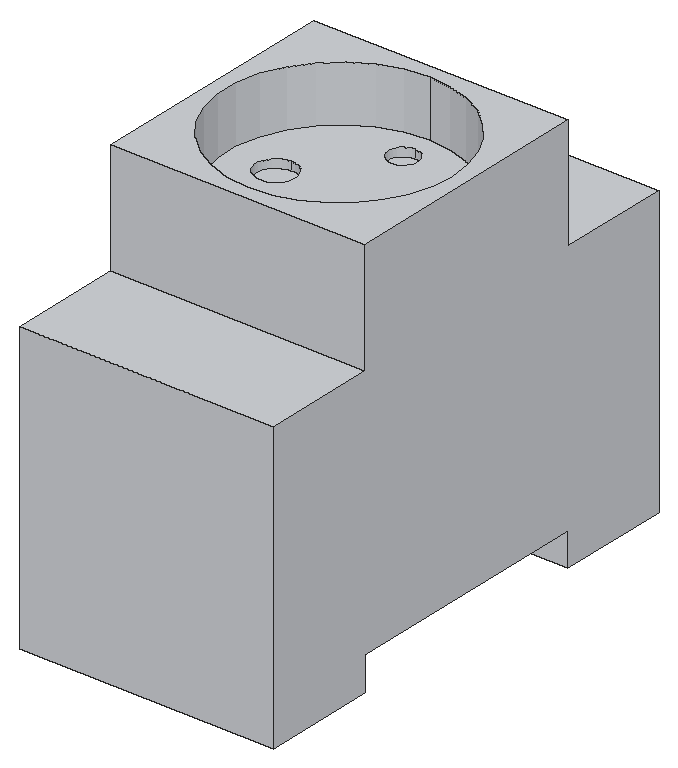
Revit family "Power-ModularDevices-GEWISS-90AM-SOCKET_OUTLET_DIN_FRA", category Apparecchi elettrici, host Superficie, Revit 2016
Family settings
  Host = Superficie
  Mantenere orientamento annotazione = Sì
  Tipo di parte = Normale
  Quota connettore circolare = Usa diametro
  Numero OmniClass = 23.80.50.11
  Titolo OmniClass = Switches and Receptacles
  Taglio con vuoti quando caricato = No
  Condiviso = No
  Punto di calcolo locali = Sì
Parameters (values of type "GW96524 - DIN RAIL SOCKET FRENCH STD 2P+E 16A 2,5M")
  Version file RFA = "18.0"
  URL = "https://www.gewiss.com/ww/en"
  Technical sheet = "https://www.gewiss.com/ww/en/search?q=GW96524"
  Standard = "French"
  SIMBOLO IN PIANTA [instance] = yes
  Realized by GEWISS S.p.A. = ""
  Rated voltage = "250Vac"
  Rated current (In) = "16 A"
  Default Elevation = 1219.2 mm
  Produttore = "GEWISS S.p.A."
  Number of poles = "2P+E"
  No. Chorus modules = "2,5"
  Modello = "GW96524"
  L_VERTICALE [instance] = 97.365 mm
  Installation = "DIN rail"
  Immagine tipo = GW96524.jpg
  IFC.TypeObject = ""
  IFC.ExportType = ""
  IFC.ExportAs = ""
  IDT = "ce4519e5-6697-4243-a546-f2034dcac679"
  IDF = "c15be1da-36c2-4b66-b016-f50c851b9774"
  Finitura = none
  Electrocod = "140                 "
  EAN code = "8011564441743"
  Descrizione = "DIN RAIL SOCKET FRENCH STD 2P+E 16A 2,5M"
  DIST_BARRA DIN [instance] = 15 mm
  Catalogue Range = "90 AM"
  Catalogue = "POWER"
  COBie.Tagnumber = ""
  COBie.CreatedOn = ""
  COBie.CreatebBy = ""
  COBie.ComponentRegisterItemID = ""
  COBie.Component.TagNumber = ""
  COBie.Component.Space = ""
  COBie.Component.SerialNumber = ""
  COBie.Component.InstallationDate = ""
  COBie.Component.Description = ""
  COBie.Component.BarCode = ""
Reference planes
  plane 1 "Centro (Fronte/Retro)": y = 0
  plane 2: z = 0
  plane 3 "Centro (Sinistra/Destra)": x = 0
  plane 4: z = 15
  plane 5: through (0, 42.5, 60) normal (0, 0.9613, -0.2756)
  plane 6: through (0, -42.5, 60) normal (0, -0.9613, 0.2756)
Dimensions and locks
  "DIST_BARRA DIN": plane 4 to host face
  angle plane 5 to plane 1 "Centro (Fronte/Retro)" = 16.00°
  angle plane 1 "Centro (Fronte/Retro)" to plane 5 = 164.00°
  angle plane 6 to plane 4 = 106.00°
  aligned and locked: plane 2 to host face
  aligned and locked: level to host face
  aligned and locked: plane 3 "Centro (Sinistra/Destra)" to nested 1
  aligned and locked: plane 1 "Centro (Fronte/Retro)" to nested 1
Automatic sketch dimensions
  host sketch curve to host sketch curve = 2438.4 mm  (x2)
Nested families
  nested 1: "GENERICO  - 90AM PRESA GUIDA DIN STANDARD FRANCESE" at (0, 0, 0), type "GENERICO  - 90AM PRESA GUIDA DIN STANDARD FRANCESE"
  nested 2: "CIV" at (0, 64.488, 0), visible <- "SIMBOLO IN PIANTA", type "CIV"
Connectors
  electrical at (0, 42.5, 34.5)
    settings: on nested 1, index 1, voltage 230 V, apparent load 0 VA, apparent load phase1 0 VA, apparent load phase2 0 VA, apparent load phase3 0 VA, power factor 1, load classification "Altro", number of poles 1, system type 31, power factor state 1, is connector primary yes, connector utility no, sub classification motor no, connector description ""
Definition of nested family "GENERICO  - 90AM PRESA GUIDA DIN STANDARD FRANCESE"
  Parameters (values of type "GENERICO  - 90AM PRESA GUIDA DIN STANDARD FRANCESE")
    h_barra din = if(Altezza barre = 1 mm, 69.9 mm, if(Altezza barre = 2 mm, 115.8 mm, 0 mm))  # 0 mm
    R = 20 mm  # constant formula
    H = if(AB_O = 1, AB_V, if(AB_O = 2, AB_H, 50.8 mm))  # 50.8 mm
    Finitura = none
    Dist barra din = 15 mm
    C = 65 mm
    B = 85 mm  # constant formula
    Altezza barre = 5 mm  # constant formula
    AB_V = 3 mm  # constant formula
    AB_H = 5 mm  # constant formula
    AB_O = 0  # constant formula
    A = 45 mm  # constant formula
  Reference planes
    plane 1 "Centro (Fronte/Retro)": y = 0
    plane 2: z = 0
    plane 3 "Centro (Sinistra/Destra)": x = 0
    plane 4: y = -42.5
    plane 5: y = 42.5
    plane 6: z = 15
    plane 7: z = 9
    plane 8 "top": z = 80
    plane 9 "incasso": z = 60
    plane 10: y = -22.5
    plane 11: y = 22.5
    plane 12: x = -22.5
    plane 13: x = 22.5
    plane 14: through (4267.2, -42.5, 9) normal (0, -0.1901, 0.9818)
    plane 15 "foro": z = 70
    plane 16: x = -11.25
    plane 17: x = 11.25
    plane 18: through (-22.5, -42.5, 1200) normal (-0.7547, -0.6561, 0)
    plane 19: through (-22.5, -42.5, 1200) normal (0.8988, -0.4384, 0)
    plane 20: through (22.5, -42.5, 1200) normal (-0.9397, 0.342, 0)
    plane 21: y = 14.153
  Forms (mm)
    Extrusion 1, solid, material <- "Finitura"
      sketch origin (0, 0, 0) x (0, 1, 0) y (0, 0, 1)
        loop
          line (-22.5, 15) -> (22.5, 15) -> (22.5, 9) -> (42.5, 9) -> (42.5, 60) -> (22.5, 60) -> (22.5, 80) -> (-22.5, 80) -> (-22.5, 60) -> (-42.5, 60) -> (-42.5, 9) -> (-22.5, 9) -> (-22.5, 15)
      from -22.5 to 22.5
    Extrusion 2, void
      sketch origin (0, 0, 60) x (0, -1, 0) y (1, 0, 0)
        loop
          circle (0, 0) r 20
      from 10 to 20
    Extrusion 3, void
      sketch origin (0, 0, 60) x (0, -1, 0) y (1, 0, 0)
        loop
          circle (0, -11.25) r 3.434
        loop
          circle (0, 11.25) r 3.477
      from 8.512 to 10
    Extrusion 4, void
      sketch origin (0, 0, 70) x (0, -1, 0) y (1, 0, 0)
        loop
          circle (-14.153, 0) r 2.622
      from -1.488 to 0
  Cuts and joins
    Extrusion 2, Extrusion 3, Extrusion 4 cuts Extrusion 1
  Lines and regions (mm)
    symbolic lines
      curve 1: line (0, 0, 29) -> (0, 0, 9)
      curve 2: line (0, -22.5, 15) -> (0, 22.5, 15)
    model lines, not visible
      curve 3: line (224.303, 91.977, 74) -> (224.303, 136.977, 74)
      curve 4: line (154.303, 136.977, 74) -> (154.303, 91.977, 74)
      curve 5: line (224.303, 136.977, 74) -> (154.303, 136.977, 74)
      curve 6: line (224.303, 91.977, 74) -> (154.303, 91.977, 74)
      curve 7: line (208.303, 108.977, 74) -> (169.303, 108.977, 74)
      curve 8: line (169.303, 108.977, 74) -> (169.303, 125.977, 74)
      curve 9: line (169.303, 125.977, 74) -> (208.303, 125.977, 74)
      curve 10: line (208.303, 125.977, 74) -> (208.303, 108.977, 74)
      curve 192: line (95.035, 64.787, 59) -> (165.035, 64.787, 59)
      curve 193: line (165.035, 64.787, 59) -> (165.035, 84.787, 59)
      curve 194: line (95.035, 84.787, 59) -> (95.035, 64.787, 59)
      curve 195: line (165.035, 84.787, 59) -> (95.035, 84.787, 59)
      curve 204: line (159.024, 125.408, 59) -> (89.024, 125.408, 59)
      curve 205: line (159.024, 105.408, 59) -> (89.024, 105.408, 59)
      curve 206: line (159.024, 113.408, 59) -> (89.024, 113.408, 59)
      curve 207: line (121.484, 119.926, 59) -> (121.484, 118.591, 59)
      curve 208: line (121.484, 118.591, 59) -> (126.564, 118.591, 59)
      curve 209: line (126.564, 118.591, 59) -> (126.564, 119.926, 59)
      curve 210: line (128.168, 122.331, 59) -> (128.168, 119.926, 59)
      curve 211: line (128.168, 119.926, 59) -> (119.879, 119.926, 59)
      curve 212: line (119.879, 119.926, 59) -> (119.879, 122.331, 59)
      curve 213: line (119.879, 122.331, 59) -> (128.168, 122.331, 59)
    model lines, not visible, detail levels fine
      curve 11: line (158.803, 96.373, 74) -> (158.803, 94.178, 74)
      curve 12: line (158.803, 94.178, 74) -> (158.068, 94.178, 74)
      curve 13: line (158.068, 94.178, 74) -> (157.642, 94.232, 74)
      curve 14: line (157.642, 94.232, 74) -> (157.12, 94.463, 74)
      curve 15: line (157.12, 94.463, 74) -> (156.706, 94.847, 74)
      curve 16: line (156.706, 94.847, 74) -> (156.431, 95.365, 74)
      curve 17: line (156.431, 95.365, 74) -> (156.346, 95.917, 74)
      curve 18: line (156.346, 95.917, 74) -> (156.429, 96.426, 74)
      curve 19: line (156.429, 96.426, 74) -> (156.649, 96.875, 74)
      curve 20: line (156.649, 96.875, 74) -> (157.044, 97.285, 74)
      curve 21: line (157.044, 97.285, 74) -> (157.523, 97.533, 74)
      curve 22: line (157.523, 97.533, 74) -> (158.061, 97.622, 74)
      curve 23: line (158.061, 97.622, 74) -> (158.803, 97.622, 74)
      curve 24: line (158.803, 97.622, 74) -> (158.803, 96.676, 74)
      curve 25: line (158.803, 96.676, 74) -> (157.555, 96.676, 74)
      curve 26: line (157.555, 96.676, 74) -> (157.555, 95.124, 74)
      curve 27: line (157.555, 95.124, 74) -> (157.859, 95.124, 74)
      curve 28: line (157.859, 95.124, 74) -> (157.859, 96.373, 74)
      curve 29: line (157.859, 96.373, 74) -> (158.803, 96.373, 74)
      curve 30: line (161.774, 94.178, 74) -> (159.106, 94.178, 74)
      curve 31: line (159.106, 94.178, 74) -> (159.106, 97.622, 74)
      curve 32: line (159.106, 97.622, 74) -> (160.525, 97.622, 74)
      curve 33: line (160.525, 97.622, 74) -> (160.525, 96.676, 74)
      curve 34: line (160.525, 96.676, 74) -> (160.052, 96.676, 74)
      curve 35: line (160.052, 96.676, 74) -> (160.052, 96.373, 74)
      curve 36: line (160.052, 96.373, 74) -> (161.774, 96.373, 74)
      curve 37: line (161.774, 96.373, 74) -> (161.774, 95.427, 74)
      curve 38: line (161.774, 95.427, 74) -> (160.052, 95.427, 74)
      curve 39: line (160.052, 95.427, 74) -> (160.052, 95.124, 74)
      curve 40: line (160.052, 95.124, 74) -> (161.774, 95.124, 74)
      curve 41: line (161.774, 95.124, 74) -> (161.774, 94.178, 74)
      curve 42: line (166.599, 94.178, 74) -> (166.599, 96.373, 74)
      curve 43: line (166.599, 96.373, 74) -> (165.653, 96.373, 74)
      curve 44: line (165.653, 96.373, 74) -> (165.653, 94.178, 74)
      curve 45: line (165.653, 94.178, 74) -> (166.599, 94.178, 74)
      curve 46: line (163.43, 94.178, 74) -> (163.714, 95.597, 74)
      curve 47: line (163.714, 95.597, 74) -> (163.997, 94.178, 74)
      curve 48: line (163.997, 94.178, 74) -> (164.944, 94.178, 74)
      curve 49: line (164.944, 94.178, 74) -> (165.53, 96.676, 74)
      curve 50: line (165.53, 96.676, 74) -> (166.599, 96.676, 74)
      curve 51: line (166.599, 96.676, 74) -> (166.599, 97.622, 74)
      curve 52: line (166.599, 97.622, 74) -> (164.783, 97.622, 74)
      curve 53: line (164.783, 97.622, 74) -> (164.442, 96.165, 74)
      curve 54: line (164.442, 96.165, 74) -> (164.206, 97.622, 74)
      curve 55: line (164.206, 97.622, 74) -> (163.222, 97.622, 74)
      curve 56: line (163.222, 97.622, 74) -> (162.985, 96.165, 74)
      curve 57: line (162.985, 96.165, 74) -> (162.645, 97.622, 74)
      curve 58: line (162.645, 97.622, 74) -> (160.828, 97.622, 74)
      curve 59: line (160.828, 97.622, 74) -> (160.828, 96.676, 74)
      curve 60: line (160.828, 96.676, 74) -> (161.897, 96.676, 74)
      curve 61: line (161.897, 96.676, 74) -> (162.482, 94.178, 74)
      curve 62: line (162.482, 94.178, 74) -> (163.43, 94.178, 74)
      curve 63: line (169.57, 97.622, 74) -> (166.902, 97.622, 74)
      curve 64: line (166.902, 97.622, 74) -> (166.902, 95.427, 74)
      curve 65: line (166.902, 95.427, 74) -> (168.624, 95.427, 74)
      curve 66: line (168.624, 95.427, 74) -> (168.624, 95.124, 74)
      curve 67: line (168.624, 95.124, 74) -> (166.902, 95.124, 74)
      curve 68: line (166.902, 95.124, 74) -> (166.902, 94.178, 74)
      curve 69: line (166.902, 94.178, 74) -> (169.57, 94.178, 74)
      curve 70: line (169.57, 94.178, 74) -> (169.57, 96.373, 74)
      curve 71: line (169.57, 96.373, 74) -> (167.848, 96.373, 74)
      curve 72: line (167.848, 96.373, 74) -> (167.848, 96.676, 74)
      curve 73: line (167.848, 96.676, 74) -> (169.57, 96.676, 74)
      curve 74: line (169.57, 96.676, 74) -> (169.57, 97.622, 74)
      curve 75: line (169.873, 97.622, 74) -> (169.873, 95.427, 74)
      curve 76: line (169.873, 95.427, 74) -> (171.478, 95.427, 74)
      curve 77: line (171.478, 95.427, 74) -> (171.478, 95.124, 74)
      curve 78: line (171.478, 95.124, 74) -> (169.873, 95.124, 74)
      curve 79: line (169.873, 95.124, 74) -> (169.873, 94.178, 74)
      curve 80: line (169.873, 94.178, 74) -> (170.819, 94.178, 74)
      curve 81: line (170.819, 94.178, 74) -> (171.365, 94.354, 74)
      curve 82: line (171.365, 94.354, 74) -> (171.718, 94.584, 74)
      curve 83: line (171.718, 94.584, 74) -> (172.121, 95.079, 74)
      curve 84: line (172.121, 95.079, 74) -> (172.309, 95.635, 74)
      curve 85: line (172.309, 95.635, 74) -> (172.315, 96.128, 74)
      curve 86: line (172.315, 96.128, 74) -> (172.263, 96.373, 74)
      curve 87: line (172.263, 96.373, 74) -> (170.819, 96.373, 74)
      curve 88: line (170.819, 96.373, 74) -> (170.819, 96.676, 74)
      curve 89: line (170.819, 96.676, 74) -> (172.134, 96.676, 74)
      curve 90: line (172.134, 96.676, 74) -> (171.964, 96.962, 74)
      curve 91: line (171.964, 96.962, 74) -> (171.718, 97.217, 74)
      curve 92: line (171.718, 97.217, 74) -> (171.375, 97.442, 74)
      curve 93: line (171.375, 97.442, 74) -> (171.017, 97.573, 74)
      curve 94: line (171.017, 97.573, 74) -> (170.615, 97.622, 74)
      curve 95: line (170.615, 97.622, 74) -> (169.873, 97.622, 74)
    model lines, not visible, detail levels medium+fine
      curve 96: line (179.303, 95.702, 74) -> (180.69, 96.074, 74)
      curve 97: line (180.69, 96.074, 74) -> (181.706, 97.09, 74)
      curve 98: line (181.706, 97.09, 74) -> (182.077, 98.477, 74)
      curve 99: line (182.077, 98.477, 74) -> (181.706, 99.864, 74)
      curve 100: line (181.706, 99.864, 74) -> (180.69, 100.879, 74)
      curve 101: line (180.69, 100.879, 74) -> (179.303, 101.251, 74)
      curve 102: line (179.303, 101.251, 74) -> (177.916, 100.879, 74)
      curve 103: line (177.916, 100.879, 74) -> (176.9, 99.864, 74)
      curve 104: line (176.9, 99.864, 74) -> (176.529, 98.477, 74)
      curve 105: line (176.529, 98.477, 74) -> (176.9, 97.09, 74)
      curve 106: line (176.9, 97.09, 74) -> (177.916, 96.074, 74)
      curve 107: line (177.916, 96.074, 74) -> (179.303, 95.702, 74)
      curve 108: line (202.303, 95.702, 74) -> (203.69, 96.074, 74)
      curve 109: line (203.69, 96.074, 74) -> (204.706, 97.09, 74)
      curve 110: line (204.706, 97.09, 74) -> (205.077, 98.477, 74)
      curve 111: line (205.077, 98.477, 74) -> (204.706, 99.864, 74)
      curve 112: line (204.706, 99.864, 74) -> (203.69, 100.879, 74)
      curve 113: line (203.69, 100.879, 74) -> (202.303, 101.251, 74)
      curve 114: line (202.303, 101.251, 74) -> (200.916, 100.879, 74)
      curve 115: line (200.916, 100.879, 74) -> (199.9, 99.864, 74)
      curve 116: line (199.9, 99.864, 74) -> (199.529, 98.477, 74)
      curve 117: line (199.529, 98.477, 74) -> (199.9, 97.09, 74)
      curve 118: line (199.9, 97.09, 74) -> (200.916, 96.074, 74)
      curve 119: line (200.916, 96.074, 74) -> (202.303, 95.702, 74)
      curve 120: line (219.287, 129.534, 74) -> (220.062, 129.741, 74)
      curve 121: line (220.062, 129.741, 74) -> (220.629, 130.308, 74)
      curve 122: line (220.629, 130.308, 74) -> (220.836, 131.083, 74)
      curve 123: line (220.836, 131.083, 74) -> (220.629, 131.857, 74)
      curve 124: line (220.629, 131.857, 74) -> (220.062, 132.424, 74)
      curve 125: line (220.062, 132.424, 74) -> (219.287, 132.631, 74)
      curve 126: line (219.287, 132.631, 74) -> (218.513, 132.424, 74)
      curve 127: line (218.513, 132.424, 74) -> (217.946, 131.857, 74)
      curve 128: line (217.946, 131.857, 74) -> (217.739, 131.083, 74)
      curve 129: line (217.739, 131.083, 74) -> (217.946, 130.308, 74)
      curve 130: line (217.946, 130.308, 74) -> (218.513, 129.741, 74)
      curve 131: line (218.513, 129.741, 74) -> (219.287, 129.534, 74)
      curve 132: line (219.287, 123.534, 74) -> (220.062, 123.741, 74)
      curve 133: line (220.062, 123.741, 74) -> (220.629, 124.308, 74)
      curve 134: line (220.629, 124.308, 74) -> (220.836, 125.083, 74)
      curve 135: line (220.836, 125.083, 74) -> (220.629, 125.857, 74)
      curve 136: line (220.629, 125.857, 74) -> (220.062, 126.424, 74)
      curve 137: line (220.062, 126.424, 74) -> (219.287, 126.631, 74)
      curve 138: line (219.287, 126.631, 74) -> (218.513, 126.424, 74)
      curve 139: line (218.513, 126.424, 74) -> (217.946, 125.857, 74)
      curve 140: line (217.946, 125.857, 74) -> (217.739, 125.083, 74)
      curve 141: line (217.739, 125.083, 74) -> (217.946, 124.308, 74)
      curve 142: line (217.946, 124.308, 74) -> (218.513, 123.741, 74)
      curve 143: line (218.513, 123.741, 74) -> (219.287, 123.534, 74)
      curve 144: line (219.287, 117.534, 74) -> (220.062, 117.741, 74)
      curve 145: line (220.062, 117.741, 74) -> (220.629, 118.308, 74)
      curve 146: line (220.629, 118.308, 74) -> (220.836, 119.083, 74)
      curve 147: line (220.836, 119.083, 74) -> (220.629, 119.857, 74)
      curve 148: line (220.629, 119.857, 74) -> (220.062, 120.424, 74)
      curve 149: line (220.062, 120.424, 74) -> (219.287, 120.631, 74)
      curve 150: line (219.287, 120.631, 74) -> (218.513, 120.424, 74)
      curve 151: line (218.513, 120.424, 74) -> (217.946, 119.857, 74)
      curve 152: line (217.946, 119.857, 74) -> (217.739, 119.083, 74)
      curve 153: line (217.739, 119.083, 74) -> (217.946, 118.308, 74)
      curve 154: line (217.946, 118.308, 74) -> (218.513, 117.741, 74)
      curve 155: line (218.513, 117.741, 74) -> (219.287, 117.534, 74)
      curve 156: line (219.287, 111.534, 74) -> (220.062, 111.741, 74)
      curve 157: line (220.062, 111.741, 74) -> (220.629, 112.308, 74)
      curve 158: line (220.629, 112.308, 74) -> (220.836, 113.083, 74)
      curve 159: line (220.836, 113.083, 74) -> (220.629, 113.857, 74)
      curve 160: line (220.629, 113.857, 74) -> (220.062, 114.424, 74)
      curve 161: line (220.062, 114.424, 74) -> (219.287, 114.631, 74)
      curve 162: line (219.287, 114.631, 74) -> (218.513, 114.424, 74)
      curve 163: line (218.513, 114.424, 74) -> (217.946, 113.857, 74)
      curve 164: line (217.946, 113.857, 74) -> (217.739, 113.083, 74)
      curve 165: line (217.739, 113.083, 74) -> (217.946, 112.308, 74)
      curve 166: line (217.946, 112.308, 74) -> (218.513, 111.741, 74)
      curve 167: line (218.513, 111.741, 74) -> (219.287, 111.534, 74)
      curve 168: line (219.287, 105.534, 74) -> (220.062, 105.741, 74)
      curve 169: line (220.062, 105.741, 74) -> (220.629, 106.308, 74)
      curve 170: line (220.629, 106.308, 74) -> (220.836, 107.083, 74)
      curve 171: line (220.836, 107.083, 74) -> (220.629, 107.857, 74)
      curve 172: line (220.629, 107.857, 74) -> (220.062, 108.424, 74)
      curve 173: line (220.062, 108.424, 74) -> (219.287, 108.631, 74)
      curve 174: line (219.287, 108.631, 74) -> (218.513, 108.424, 74)
      curve 175: line (218.513, 108.424, 74) -> (217.946, 107.857, 74)
      curve 176: line (217.946, 107.857, 74) -> (217.739, 107.083, 74)
      curve 177: line (217.739, 107.083, 74) -> (217.946, 106.308, 74)
      curve 178: line (217.946, 106.308, 74) -> (218.513, 105.741, 74)
      curve 179: line (218.513, 105.741, 74) -> (219.287, 105.534, 74)
      curve 180: line (219.287, 99.534, 74) -> (220.062, 99.741, 74)
      curve 181: line (220.062, 99.741, 74) -> (220.629, 100.308, 74)
      curve 182: line (220.629, 100.308, 74) -> (220.836, 101.083, 74)
      curve 183: line (220.836, 101.083, 74) -> (220.629, 101.857, 74)
      curve 184: line (220.629, 101.857, 74) -> (220.062, 102.424, 74)
      curve 185: line (220.062, 102.424, 74) -> (219.287, 102.631, 74)
      curve 186: line (219.287, 102.631, 74) -> (218.513, 102.424, 74)
      curve 187: line (218.513, 102.424, 74) -> (217.946, 101.857, 74)
      curve 188: line (217.946, 101.857, 74) -> (217.739, 101.083, 74)
      curve 189: line (217.739, 101.083, 74) -> (217.946, 100.308, 74)
      curve 190: line (217.946, 100.308, 74) -> (218.513, 99.741, 74)
      curve 191: line (218.513, 99.741, 74) -> (219.287, 99.534, 74)
      curve 196: line (165.035, 76.787, 59) -> (95.035, 76.787, 59)
      curve 197: line (127.495, 70.269, 59) -> (127.495, 71.605, 59)
      curve 198: line (127.495, 71.605, 59) -> (132.575, 71.605, 59)
      curve 199: line (132.575, 71.605, 59) -> (132.575, 70.269, 59)
      curve 200: line (134.18, 67.864, 59) -> (134.18, 70.269, 59)
      curve 201: line (134.18, 70.269, 59) -> (125.891, 70.269, 59)
      curve 202: line (125.891, 70.269, 59) -> (125.891, 67.864, 59)
      curve 203: line (125.891, 67.864, 59) -> (134.18, 67.864, 59)
    model lines, detail levels fine
      curve 214: line (-19.623, -20.181, 80) -> (-19.786, -20.165, 80)
      curve 215: line (-19.786, -20.165, 80) -> (-19.944, -20.118, 80)
      curve 216: line (-19.944, -20.118, 80) -> (-20.089, -20.04, 80)
      curve 217: line (-20.089, -20.04, 80) -> (-20.217, -19.935, 80)
      curve 218: line (-20.217, -19.935, 80) -> (-20.321, -19.808, 80)
      curve 219: line (-20.321, -19.808, 80) -> (-20.399, -19.663, 80)
      curve 220: line (-20.399, -19.663, 80) -> (-20.446, -19.505, 80)
      curve 221: line (-20.446, -19.505, 80) -> (-20.463, -19.341, 80)
      curve 222: line (-20.463, -19.341, 80) -> (-20.446, -19.178, 80)
      curve 223: line (-20.446, -19.178, 80) -> (-20.399, -19.02, 80)
      curve 224: line (-20.399, -19.02, 80) -> (-20.321, -18.875, 80)
      curve 225: line (-20.321, -18.875, 80) -> (-20.217, -18.747, 80)
      curve 226: line (-20.217, -18.747, 80) -> (-20.089, -18.643, 80)
      curve 227: line (-20.089, -18.643, 80) -> (-19.944, -18.565, 80)
      curve 228: line (-19.944, -18.565, 80) -> (-19.786, -18.518, 80)
      curve 229: line (-19.786, -18.518, 80) -> (-19.623, -18.501, 80)
      curve 230: line (-19.623, -18.501, 80) -> (-19.183, -18.501, 80)
      curve 231: line (-19.183, -18.501, 80) -> (-19.183, -18.981, 80)
      curve 232: line (-19.183, -18.981, 80) -> (-19.823, -18.981, 80)
      curve 233: line (-19.823, -18.981, 80) -> (-19.823, -19.701, 80)
      curve 234: line (-19.703, -19.701, 80) -> (-19.703, -19.101, 80)
      curve 235: line (-19.703, -19.101, 80) -> (-19.183, -19.101, 80)
      curve 236: line (-19.183, -19.101, 80) -> (-19.183, -20.181, 80)
      curve 237: line (-19.183, -20.181, 80) -> (-19.623, -20.181, 80)
      curve 238: line (-19.063, -20.181, 80) -> (-17.783, -20.181, 80)
      curve 239: line (-17.783, -20.181, 80) -> (-17.783, -19.701, 80)
      curve 240: line (-17.783, -19.701, 80) -> (-18.543, -19.701, 80)
      curve 241: line (-18.543, -19.581, 80) -> (-17.783, -19.581, 80)
      curve 242: line (-17.783, -19.581, 80) -> (-17.783, -19.101, 80)
      curve 243: line (-17.783, -19.101, 80) -> (-18.543, -19.101, 80)
      curve 244: line (-18.543, -18.981, 80) -> (-18.343, -18.981, 80)
      curve 245: line (-18.343, -18.981, 80) -> (-18.343, -18.501, 80)
      curve 246: line (-18.343, -18.501, 80) -> (-19.063, -18.501, 80)
      curve 247: line (-19.063, -18.501, 80) -> (-19.063, -20.181, 80)
      curve 248: line (-16.97, -20.181, 80) -> (-17.463, -20.181, 80)
      curve 249: line (-17.463, -20.181, 80) -> (-17.743, -18.981, 80)
      curve 250: line (-17.743, -18.981, 80) -> (-18.223, -18.981, 80)
      curve 251: line (-18.223, -18.981, 80) -> (-18.223, -18.501, 80)
      curve 252: line (-18.223, -18.501, 80) -> (-17.362, -18.501, 80)
      curve 253: line (-17.362, -18.501, 80) -> (-17.176, -19.297, 80)
      curve 254: line (-17.176, -19.297, 80) -> (-17.017, -18.501, 80)
      curve 255: line (-17.017, -18.501, 80) -> (-16.537, -18.501, 80)
      curve 256: line (-16.537, -18.501, 80) -> (-16.364, -19.242, 80)
      curve 257: line (-16.364, -19.242, 80) -> (-16.216, -18.501, 80)
      curve 258: line (-16.216, -18.501, 80) -> (-15.263, -18.501, 80)
      curve 259: line (-15.263, -18.501, 80) -> (-15.263, -18.981, 80)
      curve 260: line (-15.263, -18.981, 80) -> (-15.823, -18.981, 80)
      curve 261: line (-15.823, -18.981, 80) -> (-16.063, -20.181, 80)
      curve 262: line (-16.063, -20.181, 80) -> (-16.552, -20.181, 80)
      curve 263: line (-16.552, -20.181, 80) -> (-16.777, -19.218, 80)
      curve 264: line (-16.777, -19.218, 80) -> (-16.97, -20.181, 80)
      curve 265: line (-15.263, -19.101, 80) -> (-15.743, -19.101, 80)
      curve 266: line (-15.743, -19.101, 80) -> (-15.743, -20.181, 80)
      curve 267: line (-15.743, -20.181, 80) -> (-15.263, -20.181, 80)
      curve 268: line (-15.263, -20.181, 80) -> (-15.263, -19.101, 80)
      curve 269: line (-15.143, -20.181, 80) -> (-13.863, -20.181, 80)
      curve 270: line (-13.863, -20.181, 80) -> (-13.863, -19.101, 80)
      curve 271: line (-13.863, -19.101, 80) -> (-14.623, -19.101, 80)
      curve 272: line (-14.623, -18.981, 80) -> (-13.863, -18.981, 80)
      curve 273: line (-13.863, -18.981, 80) -> (-13.863, -18.501, 80)
      curve 274: line (-13.863, -18.501, 80) -> (-15.143, -18.501, 80)
      curve 275: line (-15.143, -18.501, 80) -> (-15.143, -19.581, 80)
      curve 276: line (-15.143, -19.581, 80) -> (-14.383, -19.581, 80)
      curve 277: line (-14.383, -19.701, 80) -> (-15.143, -19.701, 80)
      curve 278: line (-15.143, -19.701, 80) -> (-15.143, -20.181, 80)
      curve 279: line (-13.303, -20.181, 80) -> (-13.139, -20.165, 80)
      curve 280: line (-13.139, -20.165, 80) -> (-12.981, -20.118, 80)
      curve 281: line (-12.981, -20.118, 80) -> (-12.836, -20.04, 80)
      curve 282: line (-12.836, -20.04, 80) -> (-12.709, -19.935, 80)
      curve 283: line (-12.709, -19.935, 80) -> (-12.604, -19.808, 80)
      curve 284: line (-12.604, -19.808, 80) -> (-12.526, -19.663, 80)
      curve 285: line (-12.526, -19.663, 80) -> (-12.479, -19.505, 80)
      curve 286: line (-12.479, -19.505, 80) -> (-12.463, -19.341, 80)
      curve 287: line (-12.498, -19.101, 80) -> (-13.223, -19.101, 80)
      curve 288: line (-13.223, -18.981, 80) -> (-12.544, -18.981, 80)
      curve 289: line (-12.544, -18.981, 80) -> (-12.643, -18.821, 80)
      curve 290: line (-12.643, -18.821, 80) -> (-12.776, -18.687, 80)
      curve 291: line (-12.776, -18.687, 80) -> (-12.936, -18.586, 80)
      curve 292: line (-12.936, -18.586, 80) -> (-13.115, -18.523, 80)
      curve 293: line (-13.115, -18.523, 80) -> (-13.303, -18.501, 80)
      curve 294: line (-13.303, -18.501, 80) -> (-13.743, -18.501, 80)
      curve 295: line (-13.743, -18.501, 80) -> (-13.743, -19.581, 80)
      curve 296: line (-13.743, -19.581, 80) -> (-13.103, -19.581, 80)
      curve 297: line (-13.103, -19.701, 80) -> (-13.743, -19.701, 80)
      curve 298: line (-13.743, -19.701, 80) -> (-13.743, -20.181, 80)
      curve 299: line (-13.743, -20.181, 80) -> (-13.303, -20.181, 80)
      curve 300: line (2.023, 35.453, 60) -> (-0.077, 35.453, 60)
      curve 301: line (-0.077, 35.453, 60) -> (-2.177, 35.453, 60)
      curve 302: line (1.373, 34.153, 60) -> (-0.077, 34.153, 60)
      curve 303: line (-0.077, 34.153, 60) -> (-1.527, 34.153, 60)
      curve 304: line (2.673, 36.753, 60) -> (-0.077, 36.753, 60)
      curve 305: line (-0.077, 36.753, 60) -> (-2.827, 36.753, 60)
      curve 306: line (-0.128, 37.403, 60) -> (-0.128, 39.603, 60)
      curve 307: line (-0.077, 33.156, 60) -> (1.721, 33.638, 60)
      curve 308: line (1.721, 33.638, 60) -> (3.038, 34.955, 60)
      curve 309: line (3.038, 34.955, 60) -> (3.52, 36.753, 60)
      curve 310: line (3.52, 36.753, 60) -> (3.038, 38.551, 60)
      curve 311: line (3.038, 38.551, 60) -> (1.721, 39.868, 60)
      curve 312: line (1.721, 39.868, 60) -> (-0.077, 40.349, 60)
      curve 313: line (-0.077, 40.349, 60) -> (-1.875, 39.868, 60)
      curve 314: line (-1.875, 39.868, 60) -> (-3.192, 38.551, 60)
      curve 315: line (-3.192, 38.551, 60) -> (-3.673, 36.753, 60)
      curve 316: line (-3.673, 36.753, 60) -> (-3.192, 34.955, 60)
      curve 317: line (-3.192, 34.955, 60) -> (-1.875, 33.638, 60)
      curve 318: line (-1.875, 33.638, 60) -> (-0.077, 33.156, 60)
    model lines, detail levels medium+fine
      curve 319: circle (-0.111, 28.342, 60) r 3.325 normal (0, 0, 1)
      curve 320: circle (-10.736, -29.756, 60) r 3.325 normal (0, 0, 1)
      curve 321: circle (10.736, -29.756, 60) r 3.325 normal (0, 0, -1)
  Text (mm)
    text "AB_V" at (0, 50.868, 44.72), in view "Destra"
    text "AB_O" at (0, -80.659, 111.963), in view "Destra"
    text "AB_0" at (-72.795, 64.852, 0), in view "Livello rif."
    text "AB_V" at (36.811, 11.393, 0), in view "Livello rif."
  Dimensions and locks
    equal spacing: plane 4, plane 1 "Centro (Fronte/Retro)", plane 5
    "B": plane 4 to plane 5
    "Dist barra din": plane 6 to level
    locked: plane 6 to plane 7 at 6
    "C": plane 8 "top" to plane 6
    locked: plane 8 "top" to plane 9 "incasso" at 20
    equal spacing: plane 10, plane 1 "Centro (Fronte/Retro)", plane 11
    plane 10 to plane 11 = 45 mm
    equal spacing: plane 12, plane 3 "Centro (Sinistra/Destra)", plane 13
    "A": plane 12 to plane 13
    locked: plane 15 "foro" to plane 9 "incasso" at 10
    "R": radius of Extrusion 2 sketch curve
    angle level to plane 14 = 10.9557°
    angle plane 4 to plane 8 "top" = 90.00°
    angle plane 20 to plane 18 = 61.00°
    angle plane 20 to plane 19 = 174.00°
    angle plane 19 to plane 4 = 116.00°
    aligned and locked: level to plane 2
    aligned and locked: Extrusion 1 sketch curve to plane 6
    aligned and locked: Extrusion 1 sketch curve to plane 7
    aligned and locked: Extrusion 1 sketch curve to plane 4
    aligned and locked: Extrusion 1 sketch curve to plane 9 "incasso"
    aligned and locked: Extrusion 1 sketch curve to plane 8 "top"
    aligned and locked: Extrusion 1 sketch curve to plane 11  (x2)
    aligned and locked: Extrusion 1 sketch curve to plane 5
    aligned and locked: Extrusion 1 sketch curve to plane 10  (x2)
    aligned and locked: plane 1 "Centro (Fronte/Retro)" to curve 1
    aligned and locked: Extrusion 1 to plane 6
    aligned and locked: Extrusion 1 to plane 12
    aligned and locked: plane 13 to Extrusion 1
    aligned and locked: plane 9 "incasso" to Extrusion 1
    aligned and locked: curve 2 to plane 6
    aligned and locked: plane 3 "Centro (Sinistra/Destra)" to Extrusion 2 sketch curve
    aligned and locked: plane 1 "Centro (Fronte/Retro)" to Extrusion 2 sketch curve
    aligned and locked: Extrusion 2 to plane 15 "foro"
    aligned and locked: plane 8 "top" to Extrusion 2
    aligned and locked: Extrusion 3 to Extrusion 2
    aligned and locked: Extrusion 4 to Extrusion 2
  Automatic sketch dimensions
    plane 1 "Centro (Fronte/Retro)" to Extrusion 3 sketch curve = 0 mm  (x2)
    Extrusion 3 sketch curve to plane 16 = 0 mm
    Extrusion 3 sketch curve to plane 17 = 0 mm
    curve 2 to plane 10 = 0 mm
    curve 2 to plane 11 = 0 mm
    curve 1 to plane 7 = 0 mm
    plane 6 to curve 1 = 14 mm
    Extrusion 1 sketch curve to plane 7 = 0 mm
    Extrusion 1 sketch curve to plane 9 "incasso" = 0 mm
    curve 313 to plane 3 "Centro (Sinistra/Destra)" = 0.077 mm
    curve 313 to plane 5 = 2.151 mm
    curve 312 to curve 314 = 0.482 mm
    curve 312 to curve 312 = 0.482 mm
    curve 311 to curve 310 = 1.316 mm
    curve 313 to curve 314 = 1.316 mm
    curve 317 to plane 3 "Centro (Sinistra/Destra)" = 3.192 mm
    curve 301 to curve 317 = 0.498 mm
    plane 3 "Centro (Sinistra/Destra)" to curve 309 = 3.038 mm
    curve 318 to plane 3 "Centro (Sinistra/Destra)" = 1.875 mm
    curve 303 to curve 318 = 0.515 mm
    plane 3 "Centro (Sinistra/Destra)" to curve 307 = 1.721 mm
    curve 307 to plane 3 "Centro (Sinistra/Destra)" = 0.077 mm
    curve 302 to curve 307 = 0.997 mm
    curve 319 to plane 3 "Centro (Sinistra/Destra)" = 0.111 mm
    curve 307 to curve 319 = 4.814 mm
    curve 321 to plane 17 = 0.514 mm
    curve 321 to plane 10 = 7.256 mm
    curve 320 to plane 16 = 0.514 mm
    curve 320 to plane 10 = 7.256 mm
    curve 315 to curve 316 = 0.482 mm
    curve 315 to curve 315 = 0.482 mm
    curve 314 to curve 312 = 1.798 mm
    curve 317 to curve 303 = 0.348 mm
    curve 303 to plane 3 "Centro (Sinistra/Destra)" = 0.077 mm
    curve 304 to plane 3 "Centro (Sinistra/Destra)" = 0.077 mm
    curve 301 to plane 3 "Centro (Sinistra/Destra)" = 0.077 mm
    curve 302 to curve 307 = 0.348 mm
    plane 3 "Centro (Sinistra/Destra)" to curve 312 = 1.721 mm
    Extrusion 4 sketch curve to plane 3 "Centro (Sinistra/Destra)" = 0 mm
    plane 21 to Extrusion 4 sketch curve = 0 mm
    Extrusion 1 to curve 214 = 2.877 mm
    curve 214 to Extrusion 1 = 2.319 mm
    curve 278 to curve 298 = 0 mm
    curve 268 to curve 269 = 0 mm
    curve 264 to curve 266 = 0 mm
    curve 264 to curve 263 = 0 mm
    curve 214 to curve 247 = 0 mm
    curve 239 to curve 248 = 0 mm
    Extrusion 1 to curve 214 = 2.714 mm
    curve 214 to curve 214 = 0.016 mm
    curve 279 to curve 280 = 0.016 mm
    curve 280 to curve 280 = 0.048 mm
    Extrusion 1 to curve 216 = 2.556 mm
    curve 214 to curve 216 = 0.048 mm
    Extrusion 1 to curve 217 = 2.411 mm
    curve 215 to curve 217 = 0.078 mm
    curve 280 to curve 282 = 0.078 mm
    Extrusion 1 to curve 218 = 2.283 mm
    curve 216 to curve 218 = 0.104 mm
    curve 281 to curve 282 = 0.104 mm
    curve 282 to curve 284 = 0.127 mm
    curve 217 to curve 218 = 0.127 mm
    Extrusion 1 to curve 219 = 2.179 mm
    curve 269 to curve 277 = 0.48 mm
    curve 214 to curve 234 = 0.464 mm
    curve 238 to curve 239 = 0.48 mm
    curve 298 to curve 298 = 0.48 mm
    curve 233 to curve 234 = 0 mm
    curve 283 to curve 285 = 0.145 mm
    Extrusion 1 to curve 219 = 2.101 mm
    curve 218 to curve 219 = 0.145 mm
    curve 297 to curve 296 = 0.12 mm
    curve 277 to curve 276 = 0.12 mm
    curve 239 to curve 241 = 0.12 mm
    curve 284 to curve 285 = 0.158 mm
    Extrusion 1 to curve 220 = 2.054 mm
    curve 219 to curve 220 = 0.158 mm
    Extrusion 1 to curve 221 = 2.037 mm
    curve 220 to curve 221 = 0.164 mm
    curve 285 to curve 286 = 0.164 mm
    curve 241 to curve 254 = 0.284 mm
    curve 253 to curve 257 = 0.055 mm
    curve 253 to curve 264 = 0.079 mm
    Extrusion 1 to curve 222 = 2.054 mm
    curve 221 to curve 222 = 0.164 mm
    curve 234 to curve 234 = 0.6 mm
    curve 241 to curve 242 = 0.48 mm
    curve 286 to curve 287 = 0.24 mm
    curve 276 to curve 271 = 0.48 mm
    curve 256 to curve 265 = 0.14 mm
    curve 222 to curve 223 = 0.158 mm
    Extrusion 1 to curve 224 = 2.101 mm
    curve 287 to curve 288 = 0.12 mm
    curve 243 to curve 250 = 0.12 mm
    curve 244 to curve 250 = 0 mm
    curve 265 to curve 261 = 0.12 mm
    curve 271 to curve 272 = 0.12 mm
    curve 234 to curve 232 = 0.12 mm
    Extrusion 1 to curve 225 = 2.179 mm
    curve 223 to curve 225 = 0.145 mm
    curve 288 to curve 290 = 0.161 mm
    curve 224 to curve 226 = 0.127 mm
    Extrusion 1 to curve 225 = 2.283 mm
    curve 289 to curve 290 = 0.134 mm
    Extrusion 1 to curve 226 = 2.411 mm
    curve 225 to curve 226 = 0.104 mm
    curve 290 to curve 291 = 0.101 mm
    Extrusion 1 to curve 228 = 2.556 mm
    curve 226 to curve 228 = 0.078 mm
    curve 291 to curve 293 = 0.063 mm
    curve 227 to curve 228 = 0.048 mm
    Extrusion 1 to curve 229 = 2.714 mm
    curve 259 to curve 275 = 0.48 mm
    curve 250 to curve 251 = 0.48 mm
    curve 252 to curve 254 = 0 mm
    curve 231 to curve 247 = 0.48 mm
    curve 258 to curve 274 = 0 mm
    curve 292 to curve 293 = 0.021 mm
    curve 231 to curve 246 = 0 mm
    curve 232 to curve 229 = 0.44 mm
    curve 235 to curve 231 = 0 mm
    curve 246 to curve 230 = 0.12 mm
    curve 243 to curve 235 = 0.64 mm
    curve 244 to curve 243 = 0 mm
    curve 240 to curve 243 = 0 mm
    curve 241 to curve 240 = 0 mm
    curve 245 to curve 244 = 0.2 mm
    curve 251 to curve 244 = 0.12 mm
    curve 240 to curve 240 = 0.76 mm
    curve 242 to curve 239 = 0 mm
    curve 250 to curve 242 = 0.04 mm
    curve 248 to curve 238 = 0.32 mm
    curve 253 to curve 249 = 0.381 mm
    curve 254 to curve 242 = 0.607 mm
    curve 255 to curve 252 = 0.345 mm
    curve 248 to curve 248 = 0.493 mm
    curve 263 to curve 253 = 0.399 mm
    curve 262 to curve 248 = 0.418 mm
    curve 256 to curve 254 = 0.48 mm
    curve 256 to curve 263 = 0.413 mm
    curve 258 to curve 255 = 0.321 mm
    curve 261 to curve 262 = 0.49 mm
    curve 260 to curve 256 = 0.542 mm
    curve 265 to curve 260 = 0.08 mm
    curve 260 to curve 265 = 0.48 mm
    curve 265 to curve 260 = 0 mm
    curve 269 to curve 267 = 0.12 mm
    curve 275 to curve 258 = 0.12 mm
    curve 271 to curve 265 = 0.64 mm
    curve 272 to curve 271 = 0 mm
    curve 276 to curve 271 = 0.24 mm
    curve 277 to curve 276 = 0 mm
    curve 274 to curve 272 = 0.76 mm
    curve 271 to curve 272 = 0 mm
    curve 294 to curve 273 = 0.12 mm
    curve 296 to curve 297 = 0 mm
    curve 294 to curve 294 = 0.44 mm
    curve 279 to curve 298 = 0.44 mm
    curve 287 to curve 293 = 0.08 mm
    curve 288 to curve 287 = 0 mm
    curve 279 to curve 279 = 0.164 mm
    curve 293 to curve 293 = 0.188 mm
    curve 296 to curve 287 = 0.12 mm
    curve 297 to curve 296 = 0 mm
    curve 280 to curve 280 = 0.158 mm
    curve 292 to curve 293 = 0.178 mm
    curve 281 to curve 280 = 0.145 mm
    curve 291 to curve 291 = 0.16 mm
    curve 282 to curve 281 = 0.127 mm
    curve 289 to curve 290 = 0.133 mm
    curve 283 to curve 282 = 0.104 mm
    curve 289 to curve 290 = 0.1 mm
    curve 284 to curve 283 = 0.078 mm
    curve 287 to curve 288 = 0.046 mm
    curve 285 to curve 284 = 0.048 mm
    curve 286 to curve 285 = 0.016 mm
    curve 235 to curve 235 = 0.52 mm
    curve 234 to curve 214 = 0.084 mm
    curve 234 to curve 233 = 0.12 mm
    curve 310 to curve 309 = 1.798 mm
    curve 311 to curve 311 = 1.316 mm
    curve 304 to curve 309 = 0.847 mm
    curve 315 to curve 305 = 0 mm
    curve 315 to curve 305 = 0.847 mm
    curve 306 to curve 306 = 2.2 mm
    curve 314 to curve 316 = 1.798 mm
    curve 300 to curve 308 = 0.498 mm
    curve 310 to curve 310 = 0.482 mm
    curve 304 to curve 300 = 1.3 mm
    curve 302 to curve 307 = 0.515 mm
    curve 300 to curve 308 = 1.015 mm
    curve 300 to curve 302 = 1.3 mm
    curve 316 to curve 301 = 1.015 mm
    curve 306 to plane 3 "Centro (Sinistra/Destra)" = 0.128 mm
    curve 312 to curve 306 = 0.747 mm
    radius of Extrusion 3 sketch curve = 3.434 mm
    radius of Extrusion 3 sketch curve = 3.477 mm
    radius of curve 319 = 3.325 mm
    radius of curve 320 = 3.325 mm
    radius of curve 321 = 3.325 mm
    radius of Extrusion 4 sketch curve = 2.622 mm
Definition of nested family "CIV"
  Reference planes
    plane 1: y = 0
    plane 2: x = 0
  Lines and regions (mm)
    detail lines
      curve 1: line (0.827, 3.664, 0) -> (0.579, 3.664, 0)
      curve 2: line (0.579, 3.664, 0) -> (0.538, 3.457, 0)
      curve 3: line (0.538, 3.457, 0) -> (0.455, 3.291, 0)
      curve 4: line (0.455, 3.291, 0) -> (0.248, 3.126, 0)
      curve 5: line (0.248, 3.126, 0) -> (0, 3.085, 0)
      curve 6: line (0, 3.085, 0) -> (-0.248, 3.126, 0)
      curve 7: line (-0.248, 3.126, 0) -> (-0.455, 3.291, 0)
      curve 8: line (-0.455, 3.291, 0) -> (-0.537, 3.457, 0)
      curve 9: line (-0.537, 3.457, 0) -> (-0.579, 3.664, 0)
      curve 10: line (-0.579, 3.664, 0) -> (-0.827, 3.664, 0)
      curve 11: line (0, 2.217, 0) -> (0, 3.085, 0)
